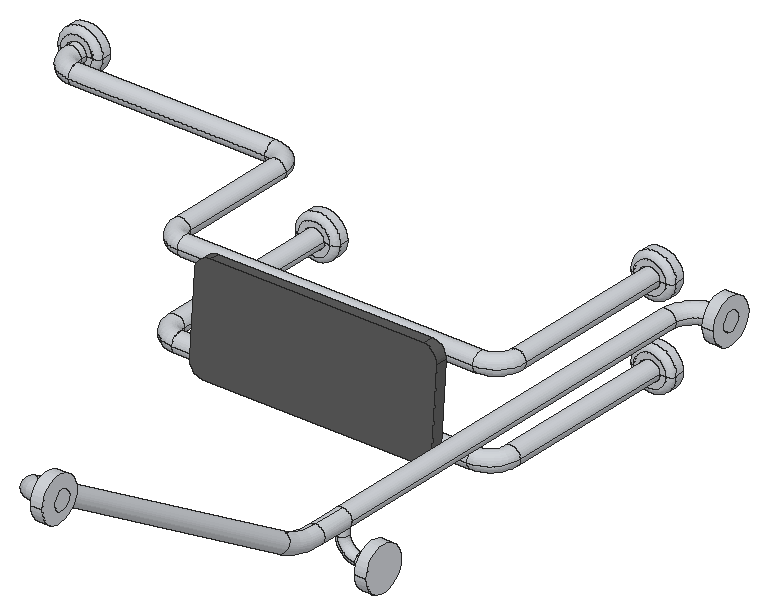
Revit family "DT7+DT8_SSE-SDEToilet RaiL_Set", category Generic Models, Revit 2015
Parameters (values of type "DT7/DT8 - SDE")
  URL = "http://www.surecare.com.au"
  Short Rail Wall Offset (adjust to suit WC width) [instance] = 680 mm
  Model = "DT7/ DT8 -SDE"
  Manufacturer = "SURE CARE"
  Description = "Toilet Grab Rail Assembly"
  Back Rest Type = Backrest (4 point fixings to wall) : SDE
Types (2, lengths in mm): name | Model | Back Rest Type
  DT7/DT8 - SDE | "DT7/ DT8 -SDE" | Backrest (4 point fixings to wall) : SDE
  DT7/DT8- SSE | "DT7/ DT8 -SSE" | Backrest (4 point fixings to wall) : SSE
Reference planes
  plane 1 "Center (Front/Back)": y = 0
  plane 2: z = 0
  plane 3 "Center (Left/Right)": x = 0
  plane 4: x = -450
  plane 5: z = 800
  plane 6: x = -740
  plane 7: x = -1150
  plane 8: x = -160
Dimensions and locks
  nested 1 to plane 1 "Center (Front/Back)" = 50 mm
  locked: plane 4 to plane 3 "Center (Left/Right)" at 450
  aligned and locked: level to plane 2
  aligned and locked: plane 3 "Center (Left/Right)" to nested 1
  aligned and locked: plane 1 "Center (Front/Back)" to nested 2
  aligned and locked: nested 2 to plane 4
Nested families
  nested 1: "DT3+4_Toilet Rail" at (0, 0, 0), type "DT3+4_Toilet Rail"
  nested 2: "Backrest (4 point fixings to wall)" at (-450, 0, 0), type <- "Back Rest Type", type "SDE"
    with SSE no, SDE yes
Definition of nested family "DT3+4_Toilet Rail"
  Parameters
    URL = "http://www.surecare.com.au"
    Rail Radius = 16 mm
    Model = "DT3 /DT4"
    Manufacturer = "SURE CARE"
    Description = "Toilet Grab Rail Side Only with Angle upturn"
  Reference planes
    plane 1 "Center (Front/Back)": y = 0
    plane 2: z = 0
    plane 3 "Center (Left/Right)": x = 0
    plane 4 "Side Rail Center": x = -71
    plane 5 "Rail Center Height": z = 784
    plane 6 "Side Rail Crank Point A": y = -900
    plane 7 "Side Rail End": y = -1500
    plane 8: z = 1145
    plane 9 "Crank Angle": through (0, -900, 784) normal (0, 0.515, 0.8572)
    plane 10 "Side Rail Bracket A": y = -800
    plane 11 "Bracket Height": z = 730
    plane 12: z = 800
    plane 13 "Side Rail Start": y = -50
    plane 14: x = -55
  Forms (mm)
    Sweep 1, solid
      path origin (0, 0, 784) x (-1, 0, 0) y (0, -1, 0)
        loop
          line (0, 50) -> (21, 50)
          arc (21, 50) -> (56.355, 64.645) -> (71, 100) r 50
          line (71, 100) -> (71, 800)
      profile origin (-71, -450, 784) x (1, 0, 0) y (0, 0, 1)
        loop
          circle (0, 0) r 16
    Sweep 2, solid
      path in 3D
        loop
          line (-71, -800, 784) -> (-71, -858.401, 784)
          arc (-71, -858.401, 784) -> (-71, -898.487, 789.455) -> (-71, -935.657, 805.425) r 150
          line (-71, -935.657, 805.425) -> (-71, -1451.886, 1115.607) -> (-71, -1459.062, 1119.918)
          arc (-71, -1459.062, 1119.918) -> (-58.991, -1483.912, 1134.85) -> (-30, -1494.205, 1141.035) r 41
          line (-30, -1494.205, 1141.035) -> (0, -1494.205, 1141.035)
      profile origin (-71, -898.487, 789.455) x (0, -0.267238, -0.96363) y (1, 0, 0)
        loop
          circle (0, 0) r 16
    Extrusion 3, solid
      sketch origin (0, 0, 25) x (0, 1, 0) y (0, 0, 1)
        loop
          circle (-800, 705) r 37.5
      from 0 to -20
    Sweep 4, solid
      path origin (0, -800, 0) x (-1, 0, 0) y (0, 0, 1)
        loop
          line (71, 784) -> (71, 760)
          arc (71, 760) -> (62.213, 738.787) -> (41, 730) r 30
          line (41, 730) -> (20, 730)
      profile origin (-71, -800, 772) x (0, 1, 0) y (-1, 0, 0)
        loop
          circle (0, 0) r 10
    Extrusion 5, solid
      sketch origin (0, -789.342, 312.297) x (0, 1, 0) y (0, 0, 1)
        loop
          circle (-710.658, 832.703) r 37.5
      from 0 to -20
    Extrusion 6, solid
      sketch origin (0, 0, 0) x (0, 1, 0) y (0, 0, 1)
        loop
          circle (-50, 784) r 37.5
      from 0 to -20
  Cuts and joins
    joined: Sweep 1, Sweep 2
  Lines and regions (mm)
    reference lines
      curve 1: line (-71, -858.401, 784) -> (-71, -800, 784)
      curve 2: line (-71, -935.657, 805.425) -> (-71, -1449.957, 1114.448)
      curve 3: arc (-71, -858.401, 784) -> (-71, -898.487, 789.455) -> (-71, -935.657, 805.425) r 150
      curve 4: line (0, -1494.205, 1141.035) -> (-30, -1494.205, 1141.035)
      curve 5: line (-71, -1459.062, 1119.918) -> (-71, -1451.886, 1115.607)
      curve 6: arc (-71, -1459.062, 1119.918) -> (-58.991, -1483.912, 1134.85) -> (-30, -1494.205, 1141.035) r 41
    sketch lines
      curve 7: arc (-71, -858.401, 784) -> (-71, -898.487, 789.455) -> (-71, -935.657, 805.425) r 150
      curve 8: line (-71, -935.657, 805.425) -> (-71, -1451.886, 1115.607)
      curve 9: line (-71, -858.401, 784) -> (-71, -800, 784)
      curve 10: arc (-71, -1459.062, 1119.918) -> (-58.991, -1483.912, 1134.85) -> (-30, -1494.205, 1141.035) r 41
      curve 11: line (-71, -1459.062, 1119.918) -> (-71, -1451.886, 1115.607)
      curve 12: line (0, -1494.205, 1141.035) -> (-30, -1494.205, 1141.035)
  Dimensions and locks
    plane 5 "Rail Center Height" to level = 784 mm
    plane 7 "Side Rail End" to plane 1 "Center (Front/Back)" = 1500 mm
    plane 10 "Side Rail Bracket A" to plane 1 "Center (Front/Back)" = 800 mm
    plane 11 "Bracket Height" to level = 730 mm
    "Rail Radius": plane 12 to plane 5 "Rail Center Height"
    "Rail Radius": plane 4 "Side Rail Center" to plane 14
    plane 4 "Side Rail Center" to plane 3 "Center (Left/Right)" = 71 mm
    "Rail Radius": radius of Sweep 1 sketch curve
    "Rail Radius": radius of Sweep 2 sketch curve
    radius of Sweep 1 sketch curve = 50 mm
    angle plane 5 "Rail Center Height" to plane 9 "Crank Angle" = 31.00°
    aligned and locked: level to plane 2
    aligned and locked: Sweep 1 sketch curve to plane 4 "Side Rail Center"
    aligned and locked: Sweep 2 to Sweep 1 sketch curve
    aligned and locked: plane 10 "Side Rail Bracket A" to Extrusion 3 sketch curve
    aligned and locked: plane 11 "Bracket Height" to Extrusion 3 sketch curve
    aligned and locked: Sweep 4 sketch curve to plane 11 "Bracket Height"
    aligned and locked: Sweep 4 sketch curve to plane 4 "Side Rail Center"
    aligned and locked: plane 5 "Rail Center Height" to Sweep 4 sketch curve
    aligned and locked: plane 8 to Extrusion 5 sketch curve
    aligned and locked: plane 7 "Side Rail End" to Extrusion 5 sketch curve
    aligned and locked: plane 5 "Rail Center Height" to curve 1
    aligned and locked: Sweep 1 sketch curve to plane 13 "Side Rail Start"
    aligned and locked: plane 3 "Center (Left/Right)" to Sweep 1 sketch curve
    aligned and locked: plane 13 "Side Rail Start" to Extrusion 6 sketch curve
    aligned and locked: plane 5 "Rail Center Height" to Extrusion 6 sketch curve
  Automatic sketch dimensions
    Sweep 1 sketch curve to plane 5 "Rail Center Height" = 0 mm
    profile plane to Sweep 1 sketch curve = 0 mm
    curve 2 to plane 9 "Crank Angle" = 0 mm  (x2)
    plane 5 "Rail Center Height" to curve 3 = 21.425 mm
    curve 2 to plane 8 = 30.552 mm
    plane 6 "Side Rail Crank Point A" to curve 3 = 41.599 mm
    curve 4 to plane 3 "Center (Left/Right)" = 0 mm
    curve 6 to plane 4 "Side Rail Center" = 0 mm
    curve 4 to plane 3 "Center (Left/Right)" = 30 mm
    curve 6 to curve 5 = 8.371 mm
    Sweep 2 sketch curve to profile plane = 0 mm  (x2)
    plane 4 "Side Rail Center" to Sweep 4 sketch curve = 30 mm
    Sweep 4 sketch curve to plane 3 "Center (Left/Right)" = 20 mm
    Sweep 4 sketch curve to plane 10 "Side Rail Bracket A" = 0 mm
    Sweep 4 sketch curve to profile plane = 0 mm
    curve 1 to curve 1 = 58.401 mm
    radius of Extrusion 3 sketch curve = 37.5 mm
    radius of Sweep 4 sketch curve = 10 mm
    radius of Extrusion 5 sketch curve = 37.5 mm
    radius of Extrusion 6 sketch curve = 37.5 mm
Definition of nested family "Backrest (4 point fixings to wall)"
  Parameters
    URL = "http://www.surecare.com.au/"
    Type Comments = "SureStandard Easirest Rail"
    SSE = yes
    SDE = no
    OverallHeight = 800 mm
    Model = "SSE"
    Manufacturer = "SURE CARE"
    Depth = 360 mm
    BackRestWidth = 418 mm
  Reference planes
    plane 1 "BackWall": y = 0
    plane 2: z = 0
    plane 3 "Center (Left/Right)": x = 0
    plane 4 "BottomRail": z = 640
    plane 5 "MainRailTop": z = 800
    plane 6 "Front": y = -360
    plane 7 "SideWall": x = 450
    plane 8 "MainRailCentre(Top/Bottom)": z = 784
    plane 9 "Fixing 1": x = 290
    plane 10 "Fixing 2": x = -290
    plane 11 "Fixing 3": x = -700
    plane 12: y = -71
  Forms (mm)
    Revolve 1, solid
      sketch origin (0, 0, 640) x (0, 1, 0) y (-1, 0, 0)
        loop
          line (0, 327.5) -> (-15, 327.5)
          arc (-15, 327.5) -> (-22.071, 324.571) -> (-25, 317.5) r 10
          line (-25, 317.5) -> (-25, 308) -> (0, 308) -> (0, 327.5)
        axis (0, 290) -> (-25, 290)
      angle from 0 to 360
    Revolve 2, solid
      sketch origin (0, 0, 640) x (0, 1, 0) y (-1, 0, 0)
        loop
          line (0, -252.5) -> (-15, -252.5)
          arc (-15, -252.5) -> (-22.071, -255.429) -> (-25, -262.5) r 10
          line (-25, -262.5) -> (-25, -272) -> (0, -272) -> (0, -252.5)
        axis (0, -290) -> (-25, -290)
      angle from 0 to 360
    Revolve 3, solid
      sketch origin (0, 0, 784) x (0, 1, 0) y (-1, 0, 0)
        loop
          line (0, -252.5) -> (-15, -252.5)
          arc (-15, -252.5) -> (-22.071, -255.429) -> (-25, -262.5) r 10
          line (-25, -262.5) -> (-25, -272) -> (0, -272) -> (0, -252.5)
        axis (0, -290) -> (-25, -290)
      angle from 0 to 360
    Revolve 4, solid
      sketch origin (0, 0, 784) x (0, 1, 0) y (-1, 0, 0)
        loop
          line (0, 737.5) -> (-15, 737.5)
          arc (-15, 737.5) -> (-22.071, 734.571) -> (-25, 727.5) r 10
          line (-25, 727.5) -> (-25, 718) -> (0, 718) -> (0, 737.5)
        axis (0, 700) -> (-25, 700)
      angle from 0 to 360
    Sweep 5, solid
      path origin (0, 0, 640) x (0, 1, 0) y (-1, 0, 0)
        loop
          line (0, 290) -> (-325, 290)
          arc (-325, 290) -> (-349.749, 279.749) -> (-360, 255) r 35
          line (-360, 255) -> (-360, -255)
          arc (-360, -255) -> (-349.749, -279.749) -> (-325, -290) r 35
          line (-325, -290) -> (0, -290)
      profile origin (-290, -162.5, 640) x (1, 0, 0) y (0, 0, 1)
        loop
          circle (0, 0) r 16
    Sweep 6, solid
      path origin (0, 0, 784) x (0, 1, 0) y (-1, 0, 0)
        loop
          line (0, 700) -> (-36, 700)
          arc (-36, 700) -> (-60.749, 689.749) -> (-71, 665) r 35
          line (-71, 665) -> (-71, 325)
          arc (-71, 325) -> (-81.251, 300.251) -> (-106, 290) r 35
          line (-106, 290) -> (-312.402, 290)
          arc (-312.402, 290) -> (-337.15, 279.749) -> (-347.402, 255) r 35
          line (-347.402, 255) -> (-347.402, -255)
          arc (-347.402, -255) -> (-337.15, -279.749) -> (-312.402, -290) r 35
          line (-312.402, -290) -> (0, -290)
      profile origin (-700, -18, 784) x (1, 0, 0) y (0, 0, 1)
        loop
          circle (0, 0) r 16
    Extrusion 7, solid, visible <- "SSE"
      sketch origin (-167.5, -360, 640) x (0, 0.087156, 0.996195) y (1, 0, 0)
        loop
          arc (160.59, 348.859) -> (152.494, 368.404) -> (132.949, 376.5) r 27.641
          line (132.949, 376.5) -> (5.59, 376.5)
          arc (5.59, 376.5) -> (-12.088, 369.178) -> (-19.41, 351.5) r 25
          line (-19.41, 351.5) -> (-19.41, -16.5)
          arc (-19.41, -16.5) -> (-12.088, -34.178) -> (5.59, -41.5) r 25
          line (5.59, -41.5) -> (132.949, -41.5)
          arc (132.949, -41.5) -> (152.494, -33.404) -> (160.59, -13.859) r 27.641
          line (160.59, -13.859) -> (160.59, 348.859)
      from -21 to -16
    Extrusion 8, solid, visible <- "SDE"
      sketch origin (-167.5, -360, 640) x (0, 0.087156, 0.996195) y (1, 0, 0)
        loop
          arc (160.567, 351.949) -> (153.376, 369.309) -> (136.016, 376.5) r 24.551
          line (136.016, 376.5) -> (5.567, 376.5)
          arc (5.567, 376.5) -> (-12.111, 369.178) -> (-19.433, 351.5) r 25
          line (-19.433, 351.5) -> (-19.433, -16.5)
          arc (-19.433, -16.5) -> (-12.111, -34.178) -> (5.567, -41.5) r 25
          line (5.567, -41.5) -> (136.016, -41.5)
          arc (136.016, -41.5) -> (153.376, -34.309) -> (160.567, -16.949) r 24.551
          line (160.567, -16.949) -> (160.567, 351.949)
      from -36 to -16
  Lines and regions (mm)
    reference lines
      curve 1: line (-167.5, -360, 640) -> (-167.5, -347.402, 784)
  Dimensions and locks
    "OverallHeight": plane 5 "MainRailTop" to level
    "Depth": plane 1 "BackWall" to plane 6 "Front"
    locked: Revolve 1 sketch curve to plane 1 "BackWall" at 15
    locked: Revolve 2 sketch curve to Revolve 2 sketch curve at 18
    locked: Revolve 2 sketch curve to Revolve 2 sketch curve at 37.5
    locked: Revolve 2 sketch curve to plane 1 "BackWall" at 15
    locked: Revolve 2 sketch curve to plane 1 "BackWall" at 25
    locked: plane 3 "Center (Left/Right)" to plane 7 "SideWall" at 450
    plane 5 "MainRailTop" to level = 800 mm
    locked: plane 5 "MainRailTop" to plane 8 "MainRailCentre(Top/Bottom)" at 16
    locked: plane 9 "Fixing 1" to plane 7 "SideWall" at 160
    locked: plane 10 "Fixing 2" to plane 9 "Fixing 1" at 580
    locked: plane 11 "Fixing 3" to plane 10 "Fixing 2" at 410
    plane 4 "BottomRail" to level = 640 mm
    locked: Revolve 3 sketch curve to Revolve 3 sketch curve at 18
    locked: Revolve 3 sketch curve to Revolve 3 sketch curve at 37.5
    locked: Revolve 4 sketch curve to Revolve 4 sketch curve at 18
    locked: Revolve 4 sketch curve to Revolve 4 sketch curve at 37.5
    plane 12 to plane 1 "BackWall" = 71 mm
    "BackRestWidth": Extrusion 8 sketch curve to Extrusion 8 sketch curve
    "BackRestWidth": Extrusion 7 sketch curve to Extrusion 7 sketch curve
    equal spacing: Extrusion 8 sketch curve, plane 3 "Center (Left/Right)", Extrusion 8 sketch curve
    locked: Extrusion 8 sketch curve to Extrusion 8 sketch curve at 180
    locked: Extrusion 7 sketch curve to Extrusion 7 sketch curve at 180
    plane 6 "Front" to plane 1 "BackWall" = 360 mm
    radius of Sweep 6 sketch curve = 35 mm  (x2)
    angle plane 4 "BottomRail" to curve 1 = 95.00°
    aligned and locked: level to plane 2
    aligned and locked: Revolve 2 sketch curve to plane 9 "Fixing 1"
    aligned and locked: Revolve 1 sketch curve to plane 10 "Fixing 2"
    aligned and locked: Revolve 3 sketch curve to plane 9 "Fixing 1"
    aligned and locked: Revolve 4 sketch curve to plane 11 "Fixing 3"
    aligned and locked: Sweep 5 sketch curve to plane 10 "Fixing 2"
    aligned and locked: Sweep 5 sketch curve to plane 9 "Fixing 1"
    aligned and locked: Sweep 6 sketch curve to plane 11 "Fixing 3"
    aligned and locked: Sweep 6 sketch curve to plane 9 "Fixing 1"
  Automatic sketch dimensions
    plane 1 "BackWall" to Revolve 1 sketch curve = 0 mm  (x2)
    Revolve 1 sketch curve to Revolve 1 sketch curve = 10 mm
    plane 6 "Front" to Revolve 1 sketch curve = 369.429 mm
    Revolve 1 sketch curve to Revolve 1 sketch curve = 18 mm
    Revolve 1 sketch curve to Revolve 1 sketch curve = 9.5 mm
    plane 1 "BackWall" to Revolve 2 sketch curve = 0 mm  (x2)
    plane 6 "Front" to Revolve 2 sketch curve = 369.429 mm
    plane 1 "BackWall" to Revolve 3 sketch curve = 0 mm  (x2)
    plane 1 "BackWall" to Revolve 3 sketch curve = 15 mm
    Revolve 3 sketch curve to Revolve 3 sketch curve = 10 mm
    plane 6 "Front" to Revolve 3 sketch curve = 369.429 mm
    plane 1 "BackWall" to Revolve 4 sketch curve = 0 mm  (x2)
    Revolve 4 sketch curve to Revolve 4 sketch curve = 15 mm
    Revolve 4 sketch curve to Revolve 4 sketch curve = 10 mm
    plane 6 "Front" to Revolve 4 sketch curve = 369.429 mm
    level to Sweep 5 sketch curve = 640 mm
    profile plane to Sweep 5 sketch curve = 0 mm
    plane 6 "Front" to Sweep 5 sketch curve = 0 mm
    plane 1 "BackWall" to Sweep 5 sketch curve = 0 mm  (x2)
    Sweep 5 sketch curve to plane 6 "Front" = 35 mm  (x2)
    curve 1 to plane 6 "Front" = 0 mm
    Sweep 6 sketch curve to plane 10 "Fixing 2" = 0 mm
    Sweep 6 sketch curve to plane 12 = 0 mm
    plane 1 "BackWall" to Sweep 6 sketch curve = 0 mm  (x2)
    Sweep 6 sketch curve to plane 10 "Fixing 2" = 35 mm
    plane 12 to Sweep 6 sketch curve = 35 mm
    Sweep 6 sketch curve to plane 8 "MainRailCentre(Top/Bottom)" = 0 mm
    profile plane to Sweep 6 sketch curve = 0 mm
    Sweep 6 sketch curve to plane 6 "Front" = 12.598 mm
    curve 1 to plane 4 "BottomRail" = 0 mm
    Extrusion 8 sketch curve to Extrusion 8 sketch curve = 25 mm
    Extrusion 8 sketch curve to curve 1 = 8.534 mm  (x2)
    curve 1 to Extrusion 8 sketch curve = 16.017 mm
    curve 1 to Extrusion 8 sketch curve = 5.567 mm
    curve 1 to Extrusion 7 sketch curve = 5.59 mm  (x2)
    Extrusion 7 sketch curve to curve 1 = 11.601 mm  (x2)
    curve 1 to Extrusion 7 sketch curve = 16.04 mm
    curve 1 to Extrusion 7 sketch curve = 16.5 mm
    radius of Sweep 5 sketch curve = 16 mm
    radius of Sweep 6 sketch curve = 16 mm
